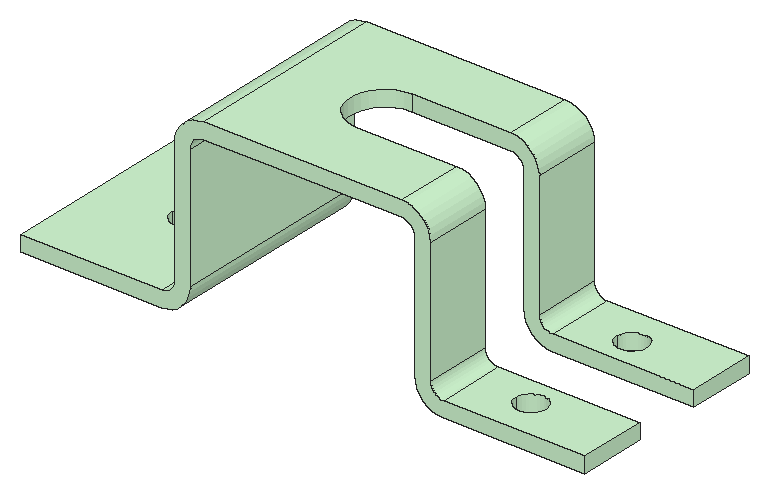
Revit family "lghook_hokyo", category 機械設備, Revit 2022
Family settings
  丸型コネクタ寸法 = 直径を使用
  種別 = なし
  パーツ タイプ = 標準
  作業面ベース = いいえ
  常に垂直 = はい
  ロード時にボイドで切り取り = いいえ
  注釈の向きを維持 = いいえ
  共有 = いいえ
  部屋計算ポイント = いいえ
Parameters
  製造元 = "株式会社桐井製作所"
  既定の高さ = 0 mm
  URL = "https://www.kirii.co.jp/"
  K_許容荷重(引張)(N) = 2400
  K_許容荷重(せん断)(N） = 1200
  K_品名 = "LGフック補強金具"
  K_名称 = "吊元金具"
  K_入数 = "300"
  K_バージョン情報 = "20211012"
Reference planes
  plane 1 "中心(正面/背面)": y = 0
  plane 2: z = 0
  plane 3 "中心(左/右)": x = 0
Forms (mm)
  Extrusion 1, solid
    sketch origin (0, 0, 0) x (1, 0, 0) y (0, 0, 1)
      loop
        line (-16.5, 4.2) -> (-16.5, 22.4)
        arc (-16.5, 22.4) -> (-15.944, 23.744) -> (-14.6, 24.3) r 1.9
        line (-14.6, 24.3) -> (-4.98, 24.3) -> (14.6, 24.3)
        arc (14.6, 24.3) -> (15.944, 23.744) -> (16.5, 22.4) r 1.9
        line (16.5, 22.4) -> (16.5, 4.2)
        arc (16.5, 4.2) -> (17.73, 1.23) -> (20.7, 0) r 4.2
        line (20.7, 0) -> (41.5, 0) -> (41.5, 2.3) -> (20.7, 2.3)
        arc (20.7, 2.3) -> (19.356, 2.856) -> (18.8, 4.2) r 1.9
        line (18.8, 4.2) -> (18.8, 22.4)
        arc (18.8, 22.4) -> (17.57, 25.37) -> (14.6, 26.6) r 4.2
        line (14.6, 26.6) -> (-14.6, 26.6)
        arc (-14.6, 26.6) -> (-17.57, 25.37) -> (-18.8, 22.4) r 4.2
        line (-18.8, 22.4) -> (-18.8, 4.2)
        arc (-18.8, 4.2) -> (-19.356, 2.856) -> (-20.7, 2.3) r 1.9
        line (-20.7, 2.3) -> (-41.5, 2.3) -> (-41.5, 0) -> (-20.7, 0)
        arc (-20.7, 0) -> (-17.73, 1.23) -> (-16.5, 4.2) r 4.2
    from -15 to 15
  Sweep 2, void
    path in 3D
      loop
        line (41.5, -15, 2.3) -> (20.7, -15, 2.3)
        arc (20.7, -15, 2.3) -> (19.356, -15, 2.856) -> (18.8, -15, 4.2) r 1.9
        line (18.8, -15, 4.2) -> (18.8, -15, 22.4)
        arc (18.8, -15, 22.4) -> (17.57, -15, 25.37) -> (14.6, -15, 26.6) r 4.2
        line (14.6, -15, 26.6) -> (0, -15, 26.6)
    profile origin (31.1, -15, 2.3) x (0, -1, 0) y (0, 0, 1)
      loop
        line (-10, 0) -> (-20, 0) -> (-20, -2.3) -> (-10, -2.3) -> (-10, 0)
  Extrusion 3, void
    sketch origin (0, 0, 0) x (1, 0, 0) y (0, 1, 0)
      loop
        arc (0, 5) -> (-5, 0) -> (0, -5) r 5
        line (0, -5) -> (0, 5)
    from 24.25 to 26.6
  Extrusion 4, void
    sketch origin (0, 0, 0) x (1, 0, 0) y (0, 1, 0)
      loop
        circle (-29, 0) r 2.25
      loop
        circle (29, 9.25) r 2.25
      loop
        circle (29, -9.25) r 2.25
    from 0 to 2.3
Cuts and joins
  Sweep 2, Extrusion 3, Extrusion 4 cuts Extrusion 1
Lines and regions (mm)
  sketch lines
    curve 1: line (41.5, -15, 2.3) -> (20.7, -15, 2.3)
    curve 2: arc (18.8, -15, 4.2) -> (19.356, -15, 2.856) -> (20.7, -15, 2.3) r 1.9
    curve 3: line (18.8, -15, 4.2) -> (18.8, -15, 22.4)
    curve 4: arc (14.6, -15, 26.6) -> (17.57, -15, 25.37) -> (18.8, -15, 22.4) r 4.2
    curve 5: line (14.6, -15, 26.6) -> (0, -15, 26.6)
Dimensions and locks
  aligned and locked: level to plane 2
